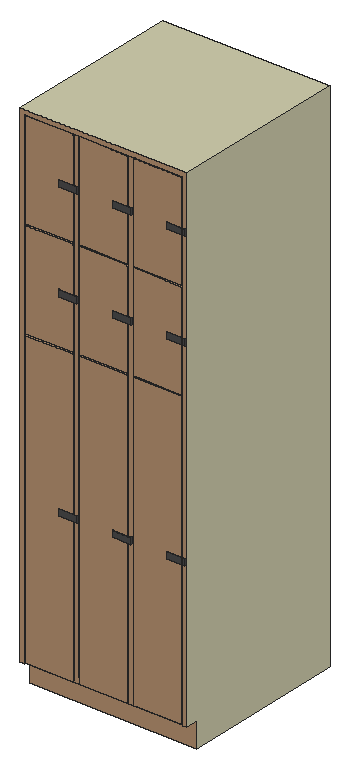
Revit family "Cabinet_Wenger_UltraStor_18", category Furniture, Revit 2015
Parameters (values of type "UltraStor Cabinet #18 - Comp Wood Doors")
  URL = "https://www.wengercorp.com/"
  Type Comments = ""
  Specification = "http://www.arcat.com/sdspecs/htm04/12_35_83wen.htm"
  Shelf Thickness = 0' - 1 1/8"
  Sales Information = "https://www.wengercorp.com/contact-us.php"
  Revision = "R1_2018-04"
  Rear Panel Thickness = 0' - 0 3/4"
  Product Data = "http://www.arcat.com/arcatcos/cos36/arc36487.html"
  Manufacturer Website = "https://www.wengercorp.com/"
  Manufacturer Phone - Toll Free = "800-4WENGER"
  Manufacturer Phone = "(507) 455-4100"
  Manufacturer Fax = "(507) 455-4258"
  Manufacturer Address = "555 Park Dr., Owatonna, MN 55060"
  Keynote = "12 35 83"
  HasDoors = yes
  Green Building-LEED = "http://www.arcat.com/green/clients/leed_data_36487.html"
  Drawn By = "Sumex Design, Inc. / Robert S. Weygant, CSI, CDT, SCIP"
  Door Width = (Cabinet Width - 0' 3") / 3  # 0' - 8.16667"
  Door Style = Door_Base : Solid Door
  Door Material [instance] = Wenger Cherry (Use Cherry Edge Band Only)
  Door Height = (Cabinet Height - 0' 4 3/4") / 5  # 1' - 4.175"
  Toe Kick Material [instance] = Wenger Cherry (Use Cherry Edge Band Only)
  RH End Panel [instance] = no
  Model = "#18"
  Manufacturer = "Wenger Corporation"
  LH End Panel [instance] = no
  End Panel Material [instance] = Wenger Cherry (Use Cherry Edge Band Only)
  Edge Banding Material [instance] = Wenger Cherry (Use Cherry Edge Band Only)
  Cost = 0
  Copyright = "© 2018 Arcat Inc."
  Construction Details = "http://www.arcat.com/details/wengerco/wengerco.html?coid=36487"
  Body Material [instance] = Wenger - Oyster
  Description = "Wenger UltraStor Cabinet #18 - Comp Wood Doors"
  Cabinet Width = 2' - 3 1/2"
  Cabinet Height = 7' - 1 5/8"
  Installed Depth = 2' - 5 1/4"
  Cabinet Panel Thickness = 0' - 0 3/4"
  Assembly Code = "E2010200"
Types (7): name | Rear Panel Thickness | HasDoors | Door Style | Door Material | Model | Description | Installed Depth
  Acoustic Cabinet #18 - No Doors | 0' - 3 1/4" | no | Door_Base : Solid Door | none | "#18A" | "Wenger Acoustic Cabinet #18 - No Doors" | 2' - 7 3/4"
  Acoustic Cabinet #18 - Comp Grille Doors | 0' - 3 1/4" | yes | Door_Base : Bars | Painted Black | "#18A" | "Wenger Acoustic Cabinet #18 - Comp Grille Doors" | 2' - 7 3/4"
  Acoustic Cabinet #18 - Comp Waterfall Grille Doors | 0' - 3 1/4" | yes | Door_Base : Waterfall | Painted Black | "#18A" | "Wenger Acoustic Cabinet #18 - Comp Waterfall Grille Doors" | 2' - 7 3/4"
  UltraStor Cabinet #18 - Comp Waterfall Grille Doors | 0' - 0 3/4" | yes | Door_Base : Waterfall | Painted Black | "#18" | "Wenger UltraStor Cabinet #18 - Comp Waterfall Grille Doors" | 2' - 5 1/4"
  UltraStor Cabinet #18 - No Doors | 0' - 0 3/4" | no | Door_Base : Solid Door | none | "#18" | "Wenger UltraStor Cabinet #18 - No Doors" | 2' - 5 1/4"
  UltraStor Cabinet #18 - Comp Wood Doors | 0' - 0 3/4" | yes | Door_Base : Solid Door | Wenger Cherry (Use Cherry Edge Band Only) | "#18" | "Wenger UltraStor Cabinet #18 - Comp Wood Doors" | 2' - 5 1/4"
  UltraStor Cabinet #18 - Comp Grille Doors | 0' - 0 3/4" | yes | Door_Base : Bars | Painted Black | "#18" | "Wenger UltraStor Cabinet #18 - Comp Grille Doors" | 2' - 5 1/4"
Reference planes (in)
  plane 1 "Front": y = 0
  plane 2: z = 0
  plane 3 "Left": x = 0
  plane 4 "Right": x = 27.5
  plane 5 "Back": y = 29.25
  plane 6 "Top": z = 85.625
  plane 7: z = 4
  plane 8: z = 20.175
  plane 9: z = 36.35
  plane 10: z = 52.525
  plane 11: z = 68.7
  plane 12: x = 0.75
  plane 13: x = 26.75
  plane 14: z = 84.875
  plane 15: x = 8.91667
  plane 16: x = 9.66667
  plane 17: x = 17.83333
  plane 18: x = 18.58333
  plane 19: y = 28.5
  plane 20: y = 2
  plane 21: y = 0.75
  plane 22: z = 21.3
  plane 23: z = 37.475
  plane 24: z = 53.65
  plane 25: z = 69.825
  plane 26: z = 5.125
Forms (in)
  Extrusion 1, solid, material "Wenger - Oyster" <- "Body Material"
    sketch origin (0, 0, 0) x (0, 1, 0) y (0, 0, 1)
      loop
        line (0, 85.625) -> (0, 4) -> (2, 4) -> (2, 0) -> (29.25, 0) -> (29.25, 85.625) -> (0, 85.625)
    from 0 to 27.5
  Extrusion 2, void
    sketch origin (0, 0, 0) x (0, 1, 0) y (0, 0, 1)
      loop
        line (-5.5, 84.875) -> (-5.5, 52.525) -> (0.75, 52.525)
        arc (0.75, 52.525) -> (1.18296, 53.30088) -> (2, 53.65) r 1.375
        line (2, 53.65) -> (28.5, 53.65) -> (28.5, 68.7) -> (0.75, 68.7)
        arc (0.75, 68.7) -> (1.18296, 69.47588) -> (2, 69.825) r 1.375
        line (2, 69.825) -> (28.5, 69.825) -> (28.5, 84.875) -> (-5.5, 84.875)
    from 0.75 to 8.91667
  Extrusion 3, void
    sketch origin (0, 0, 0) x (0, 1, 0) y (0, 0, 1)
      loop
        line (-5.5, 84.875) -> (-5.5, 52.525) -> (0.75, 52.525)
        arc (0.75, 52.525) -> (1.18296, 53.30088) -> (2, 53.65) r 1.375
        line (2, 53.65) -> (28.5, 53.65) -> (28.5, 68.7) -> (0.75, 68.7)
        arc (0.75, 68.7) -> (1.18296, 69.47588) -> (2, 69.825) r 1.375
        line (2, 69.825) -> (28.5, 69.825) -> (28.5, 84.875) -> (-5.5, 84.875)
    from 9.66667 to 17.83333
  Extrusion 4, void
    sketch origin (0, 0, 0) x (0, 1, 0) y (0, 0, 1)
      loop
        line (-5.5, 84.875) -> (-5.5, 52.525) -> (0.75, 52.525)
        arc (0.75, 52.525) -> (1.18296, 53.30088) -> (2, 53.65) r 1.375
        line (2, 53.65) -> (28.5, 53.65) -> (28.5, 68.7) -> (0.75, 68.7)
        arc (0.75, 68.7) -> (1.18296, 69.47588) -> (2, 69.825) r 1.375
        line (2, 69.825) -> (28.5, 69.825) -> (28.5, 84.875) -> (-5.5, 84.875)
    from 18.58333 to 26.75
  Extrusion 5, void
    sketch origin (0, 0, 0) x (0, 1, 0) y (0, 0, 1)
      loop
        line (0, 84.875) -> (0, 4) -> (0.0625, 4) -> (0.0625, 84.875) -> (0, 84.875)
    from 0.75 to 26.75
  Extrusion 6, void
    sketch origin (0, 0, 0) x (1, 0, 0) y (0, 0, 1)
      loop
        line (0.75, 52.525) -> (0.75, 5.125) -> (8.91667, 5.125) -> (8.91667, 52.525) -> (0.75, 52.525)
      loop
        line (9.66667, 52.525) -> (9.66667, 5.125) -> (17.83333, 5.125) -> (17.83333, 52.525) -> (9.66667, 52.525)
      loop
        line (18.58333, 52.525) -> (18.58333, 5.125) -> (26.75, 5.125) -> (26.75, 52.525) -> (18.58333, 52.525)
    from -28.5 to 0
Cuts and joins
  Extrusion 2, Extrusion 3, Extrusion 4, Extrusion 5, Extrusion 6 cuts Extrusion 1
Lines and regions (in)
  Masking region 1
    outline origin (0, 0, 0) x (1, 0, 0) y (0, 1, 0)
      loop
        line (0, 29.25) -> (0, 0) -> (27.5, 0) -> (27.5, 29.25) -> (0, 29.25)
Dimensions and locks (in)
  "Cabinet Panel Thickness": plane 3 "Left" to plane 12
  "Cabinet Panel Thickness": plane 13 to plane 4 "Right"
  "Cabinet Panel Thickness": plane 5 "Back" to plane 19
  locked: plane 1 "Front" to plane 21 at 0.75
  locked: plane 1 "Front" to plane 20 at 2
  "Shelf Thickness": plane 22 to plane 8
  "Shelf Thickness": plane 23 to plane 9
  "Shelf Thickness": plane 24 to plane 10
  "Shelf Thickness": plane 25 to plane 11
  "Cabinet Panel Thickness": plane 6 "Top" to plane 14
  equal spacing: plane 14, plane 11, plane 10, plane 9, plane 8, plane 7
  "Shelf Thickness": plane 26 to plane 7
  "Cabinet Width": plane 3 "Left" to plane 4 "Right"
  locked: plane 7 to level at 4
  "Cabinet Height": plane 6 "Top" to level
  "Installed Depth": plane 1 "Front" to plane 5 "Back"
  "Door Width": plane 15 to plane 12
  "Door Width": plane 17 to plane 16
  "Door Width": plane 13 to plane 18
  plane 3 "Left" to plane 4 "Right" = 2' - 3 1/2"
  locked: plane 18 to plane 17 at 0.75
  equal spacing: plane 16, nested 2, plane 17
  equal spacing: plane 5 "Back", nested 2, plane 1 "Front"
  aligned and locked: Extrusion 1 sketch curve to plane 6 "Top"
  aligned and locked: Extrusion 1 sketch curve to plane 5 "Back"
  aligned and locked: Extrusion 1 sketch curve to plane 1 "Front"
  aligned and locked: Extrusion 1 sketch curve to plane 7
  aligned and locked: Extrusion 1 sketch curve to plane 20
  aligned and locked: Extrusion 1 sketch curve to level
  aligned and locked: Extrusion 1 to plane 4 "Right"
  aligned and locked: Extrusion 1 to plane 3 "Left"
  aligned and locked: Extrusion 2 sketch curve to plane 14
  aligned and locked: Extrusion 2 sketch curve to plane 19
  aligned and locked: Extrusion 2 sketch curve to plane 11
  aligned and locked: Extrusion 2 sketch curve to plane 24
  aligned and locked: Extrusion 2 sketch curve to plane 10
  aligned and locked: Extrusion 2 sketch curve to plane 25
  aligned and locked: Extrusion 2 to plane 12
  aligned and locked: plane 15 to Extrusion 2
  aligned and locked: plane 17 to Extrusion 3
  aligned and locked: Extrusion 3 to plane 16
  aligned and locked: Extrusion 4 to plane 13
  aligned and locked: Extrusion 4 to plane 18
  aligned and locked: Extrusion 5 sketch curve to cut or joined group of Extrusion 1, Extrusion 2, Extrusion 3, Extrusion 4, Extrusion 5, Extrusion 6  (x3)
  aligned and locked: Extrusion 5 to plane 13
  aligned and locked: Extrusion 5 to plane 12
  aligned and locked: nested 3 to plane 12
  aligned and locked: plane 15 to nested 3
  aligned and locked: nested 3 to plane 11
  aligned and locked: plane 14 to nested 3
  aligned and locked: plane 14 to nested 4
  aligned and locked: nested 4 to plane 11
  aligned and locked: nested 4 to plane 16
  aligned and locked: plane 17 to nested 4
  aligned and locked: cut or joined group of Extrusion 1, Extrusion 2, Extrusion 3, Extrusion 4, Extrusion 5, Extrusion 6 to plane 18
  aligned and locked: cut or joined group of Extrusion 1, Extrusion 2, Extrusion 3, Extrusion 4, Extrusion 5, Extrusion 6 to plane 13
  aligned and locked: plane 14 to nested 5
  aligned and locked: nested 5 to plane 11
  aligned and locked: plane 11 to cut or joined group of Extrusion 1, Extrusion 2, Extrusion 3, Extrusion 4, Extrusion 5, Extrusion 6  (x2)
  aligned and locked: plane 11 to nested 7
  aligned and locked: plane 11 to nested 8
  aligned and locked: plane 11 to nested 6
  aligned and locked: nested 8 to plane 10
  aligned and locked: nested 7 to plane 10
  aligned and locked: nested 6 to plane 10
  aligned and locked: plane 10 to cut or joined group of Extrusion 1, Extrusion 2, Extrusion 3, Extrusion 4, Extrusion 5, Extrusion 6
  aligned and locked: nested 8 to plane 13
  aligned and locked: nested 5 to plane 13
  aligned and locked: nested 5 to plane 18
  aligned and locked: nested 8 to plane 18
  aligned and locked: plane 17 to cut or joined group of Extrusion 1, Extrusion 2, Extrusion 3, Extrusion 4, Extrusion 5, Extrusion 6
  aligned and locked: plane 17 to nested 7
  aligned and locked: nested 7 to plane 16
  aligned and locked: plane 15 to nested 6
  aligned and locked: nested 6 to plane 12
  aligned and locked: nested 9 to plane 12
  aligned and locked: plane 7 to cut or joined group of Extrusion 1, Extrusion 2, Extrusion 3, Extrusion 4, Extrusion 5, Extrusion 6
  aligned and locked: nested 9 to plane 7
  aligned and locked: plane 1 "Front" to nested 10
  aligned and locked: nested 10 to level
  aligned and locked: nested 10 to plane 4 "Right"
  aligned and locked: Masking region 1 sketch curve to plane 5 "Back"
  aligned and locked: Masking region 1 sketch curve to plane 1 "Front"
  aligned and locked: plane 3 "Left" to Masking region 1 sketch curve
  aligned and locked: plane 4 "Right" to Masking region 1 sketch curve
  aligned and locked: plane 10 to nested 9
  aligned and locked: Extrusion 6 sketch curve to nested 9  (x2)
  aligned and locked: plane 26 to Extrusion 6 sketch curve  (x3)
  aligned and locked: plane 19 to Extrusion 6
  aligned and locked: plane 1 "Front" to Extrusion 6
  aligned and locked: Extrusion 6 sketch curve to plane 15
  aligned and locked: Extrusion 6 sketch curve to plane 10  (x2)
  aligned and locked: plane 16 to Extrusion 6 sketch curve
  aligned and locked: Extrusion 6 sketch curve to plane 17
  aligned and locked: plane 18 to Extrusion 6 sketch curve
  aligned and locked: plane 13 to Extrusion 6 sketch curve
  aligned and locked: plane 15 to nested 9
  aligned and locked: nested 11 to plane 7
  aligned and locked: nested 12 to plane 7
  aligned and locked: plane 10 to nested 11
  aligned and locked: plane 10 to nested 12
  aligned and locked: plane 17 to nested 11
  aligned and locked: nested 11 to plane 16
  aligned and locked: nested 12 to plane 18
  aligned and locked: nested 12 to plane 13
Automatic sketch dimensions
  Extrusion 3 sketch curve to plane 14 = 0' - 0"
  Extrusion 3 sketch curve to plane 11 = 0' - 0"
  Extrusion 3 sketch curve to plane 21 = 0' - 0"  (x2)
  Extrusion 3 sketch curve to plane 20 = 0' - 0"  (x2)
  Extrusion 3 sketch curve to plane 19 = 0' - 0"  (x2)
  Extrusion 3 sketch curve to plane 24 = 0' - 0"
  Extrusion 3 sketch curve to plane 25 = 0' - 0"
  plane 1 "Front" to Extrusion 3 sketch curve = 0' - 5 1/2"
  Extrusion 3 sketch curve to plane 20 = 0' - 0.10279"  (x2)
  Extrusion 4 sketch curve to plane 14 = 0' - 0"
  Extrusion 4 sketch curve to plane 11 = 0' - 0"
  Extrusion 4 sketch curve to plane 21 = 0' - 0"  (x2)
  Extrusion 4 sketch curve to plane 20 = 0' - 0"  (x2)
  Extrusion 4 sketch curve to plane 19 = 0' - 0"  (x2)
  Extrusion 4 sketch curve to plane 24 = 0' - 0"
  Extrusion 4 sketch curve to plane 25 = 0' - 0"
  plane 1 "Front" to Extrusion 4 sketch curve = 0' - 5 1/2"
  Extrusion 4 sketch curve to plane 20 = 0' - 0.10279"  (x2)
  plane 21 to Extrusion 5 sketch curve = 0' - 0 11/16"
  Extrusion 2 sketch curve to plane 19 = 0' - 0"
  Extrusion 2 sketch curve to plane 21 = 0' - 0"  (x2)
  Extrusion 2 sketch curve to plane 20 = 0' - 0"  (x2)
  Extrusion 2 sketch curve to plane 20 = 0' - 0.10279"  (x2)
  plane 1 "Front" to Extrusion 2 sketch curve = 0' - 5 1/2"
  Extrusion 3 sketch curve to plane 10 = 0' - 0"
  Extrusion 4 sketch curve to plane 10 = 0' - 0"
Nested families (in)
  nested 1: "End Panel" at (0, 14.25, 0) x (0, -1, 0) z (0, 0, 1), End Panel Material <- "End Panel Material", visible <- "LH End Panel", Edge Banding Material <- "Edge Banding Material", type "End Panel"
    with End Panel Material Wenger Cherry (Use Cherry Edge Band Only), Edge Banding Material Wenger Cherry (Use Cherry Edge Band Only), End Panel Depth 2' - 5 1/4"
  nested 2: "Labels" at (13.75, 14.625, 0), type "Labels"
  nested 3: "Door_Base" at (4.83333, 0, 68.7) x (1, 0, 0) z (0, -1, 0), type <- "Door Style", Height <- "Door Height", Width <- "Door Width", visible <- "HasDoors", type "Solid Door", detail levels medium+fine
    with vBars 6, Width 0' - 8.16667", ToeKick Height 0' - 4", MidBar no, Height 1' - 4.175", BarHt 1' - 3.675", 2HzBars no
  nested 4: "Door_Base" at (13.75, 0, 68.7) x (1, 0, 0) z (0, -1, 0), type <- "Door Style", Height <- "Door Height", Width <- "Door Width", visible <- "HasDoors", type "Solid Door", detail levels medium+fine
    with vBars 6, Width 0' - 8.16667", ToeKick Height 0' - 4", MidBar no, Height 1' - 4.175", BarHt 1' - 3.675", 2HzBars no
  nested 5: "Door_Base" at (22.66667, 0, 68.7) x (1, 0, 0) z (0, -1, 0), type <- "Door Style", Height <- "Door Height", Width <- "Door Width", visible <- "HasDoors", type "Solid Door", detail levels medium+fine
    with vBars 6, Width 0' - 8.16667", ToeKick Height 0' - 4", MidBar no, Height 1' - 4.175", BarHt 1' - 3.675", 2HzBars no
  nested 6: "Door_Base" at (4.83333, 0, 52.525) x (1, 0, 0) z (0, -1, 0), type <- "Door Style", Height <- "Door Height", Width <- "Door Width", visible <- "HasDoors", type "Solid Door", detail levels medium+fine
    with vBars 6, Width 0' - 8.16667", ToeKick Height 0' - 4", MidBar no, Height 1' - 4.175", BarHt 1' - 3.675", 2HzBars no
  nested 7: "Door_Base" at (13.75, 0, 52.525) x (1, 0, 0) z (0, -1, 0), type <- "Door Style", Height <- "Door Height", Width <- "Door Width", visible <- "HasDoors", type "Solid Door", detail levels medium+fine
    with vBars 6, Width 0' - 8.16667", ToeKick Height 0' - 4", MidBar no, Height 1' - 4.175", BarHt 1' - 3.675", 2HzBars no
  nested 8: "Door_Base" at (22.66667, 0, 52.525) x (1, 0, 0) z (0, -1, 0), type <- "Door Style", Height <- "Door Height", Width <- "Door Width", visible <- "HasDoors", type "Solid Door", detail levels medium+fine
    with vBars 6, Width 0' - 8.16667", ToeKick Height 0' - 4", MidBar no, Height 1' - 4.175", BarHt 1' - 3.675", 2HzBars no
  nested 9: "Door_Base" at (4.83333, 0, 4) x (1, 0, 0) z (0, -1, 0), type <- "Door Style", visible <- "HasDoors", type "Solid Door", detail levels medium+fine
    with vBars 6, Width 0' - 8.16667", ToeKick Height 0' - 4", MidBar no, Height 4' - 0.525", BarHt 4' - 0.025", 2HzBars no
  nested 10: "End Panel" at (28.25, 14.25, 0) x (0, -1, 0) z (0, 0, 1), End Panel Material <- "End Panel Material", Edge Banding Material <- "Edge Banding Material", visible <- "RH End Panel", type "End Panel"
    with End Panel Material Wenger Cherry (Use Cherry Edge Band Only), Edge Banding Material Wenger Cherry (Use Cherry Edge Band Only), End Panel Depth 2' - 5 1/4"
  nested 11: "Door_Base" at (13.75, 0, 4) x (1, 0, 0) z (0, -1, 0), type <- "Door Style", visible <- "HasDoors", type "Solid Door", detail levels medium+fine
    with vBars 6, Width 0' - 8.16667", ToeKick Height 0' - 4", MidBar no, Height 4' - 0.525", BarHt 4' - 0.025", 2HzBars no
  nested 12: "Door_Base" at (22.66667, 0, 4) x (1, 0, 0) z (0, -1, 0), type <- "Door Style", visible <- "HasDoors", type "Solid Door", detail levels medium+fine
    with vBars 6, Width 0' - 8.16667", ToeKick Height 0' - 4", MidBar no, Height 4' - 0.525", BarHt 4' - 0.025", 2HzBars no
Definition of nested family "End Panel"
  Parameters (values of type "End Panel")
    End Panel Material [instance] = none
    End Panel Height = 7' - 1 5/8"
    End Panel Depth = 1' - 9 3/4"
    Edge Banding Material [instance] = none
    Default Elevation = 4' - 0"
    Assembly Code = ""
  Reference planes (in)
    plane 1 "Center (Front/Back)": y = 0
    plane 2: z = 0
    plane 3 "Center (Left/Right)": x = 0
    plane 4: x = -15
    plane 5: x = 6.75
    plane 6: z = 4
    plane 7: x = 4.75
    plane 8: z = 85.625
    plane 9: y = -0.75
  Forms (in)
    Extrusion 1, solid, material <- "End Panel Material"
      sketch origin (0, 0, 0) x (1, 0, 0) y (0, 0, 1)
        loop
          line (-15, 85.625) -> (-15, 0) -> (4.75, 0) -> (4.75, 4) -> (6.75, 4) -> (6.75, 85.625) -> (-15, 85.625)
      from 0 to 0.75
  Lines and regions (in)
    Masking region 1, detail levels coarse+medium
      outline origin (0, 0, 0) x (1, 0, 0) y (0, 1, 0)
        loop
          line (-15, 0) -> (-15, -0.75) -> (6.75, -0.75) -> (6.75, 0) -> (-15, 0)
  Dimensions and locks (in)
    locked: plane 7 to plane 5 at 2
    locked: plane 6 to level at 4
    "End Panel Height": plane 8 to level
    "End Panel Depth": plane 5 to plane 4
    locked: plane 9 to plane 1 "Center (Front/Back)" at 0.75
    aligned and locked: plane 4 to Extrusion 1 sketch curve
    aligned and locked: level to Extrusion 1 sketch curve
    aligned and locked: plane 7 to Extrusion 1 sketch curve
    aligned and locked: plane 6 to Extrusion 1 sketch curve
    aligned and locked: Extrusion 1 sketch curve to plane 5
    aligned and locked: Extrusion 1 sketch curve to plane 8
    aligned and locked: Extrusion 1 to plane 9
    aligned and locked: Extrusion 1 to plane 1 "Center (Front/Back)"
    aligned and locked: plane 4 to Masking region 1 sketch curve
    aligned and locked: Masking region 1 sketch curve to plane 5
    aligned and locked: plane 1 "Center (Front/Back)" to Masking region 1 sketch curve
    aligned and locked: plane 9 to Masking region 1 sketch curve
Definition of nested family "Door_Base"
  Parameters (values of type "None")
    vBars [instance] = (Width - 0' 2") / 0' 1"  # 6
    Width [instance] = 0' - 8"
    ToeKick Height [instance] = 0' - 4"
    Thickness = 0' - 0 3/4"
    Solid Door = no
    Shelf Thickness = 0' - 0 3/4"
    Panel Thickness = 0' - 0 3/4"
    MidBar [instance] = and(Height < 1' 6", HasDoor, not(Solid Door))  # no
    Height [instance] = 1' - 2 5/8"
    HasDoor = no
    Edge Banding = none
    DoorGap = 0' - 0 1/8"
    Door Finish = none
    Depth = 2' - 0"
    Default Elevation = 4' - 0"
    Bars = no
    BarStyle = Bars : Waterfall
    BarHt [instance] = Height - 0' 0 1/2"  # 1' - 2 1/8"
    2HzBars [instance] = and(Height > 1' 6", not(Solid Door))  # no
  Types (4): name | Thickness | Solid Door | MidBar | HasDoor | Bars | BarStyle
    Solid Door | 0' - 0 3/4" | yes | no | yes | no | Bars : Waterfall
    Bars | 0' - 0 1/4" | no | yes | yes | yes | Bars : Straight
    Waterfall | 0' - 0 3/4" | no | yes | yes | yes | Bars : Waterfall
    None | 0' - 0 3/4" | no | no | no | no | Bars : Waterfall
  Reference planes (in)
    plane 1 "Center (Front/Back)": y = 0
    plane 2: z = 0
    plane 3 "Center (Left/Right)": x = 0
    plane 4: x = -4
    plane 5: y = 14.625
    plane 6: x = 4
    plane 7: z = -0.75
    plane 8: x = -3.875
    plane 9: x = 3.875
    plane 10: y = 0.125
    plane 11: y = 14.5
    plane 12: y = -0.75
    plane 13 "CL Elev": y = 7.3125
    plane 14: x = -3.75
    plane 15: x = 3.75
    plane 16 "BtmRail": y = 0.25
    plane 17: y = 14.375
    plane 18: z = -0.125
    plane 19: x = -2.75
    plane 20: x = 2.75
    plane 21: y = 9.66667
    plane 22: y = 4.95833
  Forms (in)
    Extrusion 1, solid, material <- "Door Finish", visible <- "Solid Door", detail levels medium+fine
      sketch origin (0, 0, 0) x (1, 0, 0) y (0, 1, 0)
        loop
          arc (-3.75, 14.5) -> (-3.83839, 14.46339) -> (-3.875, 14.375) r 0.125
          line (-3.875, 14.375) -> (-3.875, 0.25)
          arc (-3.875, 0.25) -> (-3.83839, 0.16161) -> (-3.75, 0.125) r 0.125
          line (-3.75, 0.125) -> (3.75, 0.125)
          arc (3.75, 0.125) -> (3.83839, 0.16161) -> (3.875, 0.25) r 0.125
          line (3.875, 0.25) -> (3.875, 14.375)
          arc (3.875, 14.375) -> (3.83839, 14.46339) -> (3.75, 14.5) r 0.125
          line (3.75, 14.5) -> (-3.75, 14.5)
      from 0 to -0.75
    Sweep 2, solid, material <- "Door Finish", visible <- "Bars", detail levels medium+fine
      path origin (0, 0, 0) x (1, 0, 0) y (0, 1, 0)
        loop
          arc (-3.125, 14.5) -> (-3.65533, 14.28033) -> (-3.875, 13.75) r 0.75
          line (-3.875, 13.75) -> (-3.875, 0.875)
          arc (-3.875, 0.875) -> (-3.65533, 0.34467) -> (-3.125, 0.125) r 0.75
          line (-3.125, 0.125) -> (3.125, 0.125)
          arc (3.125, 0.125) -> (3.65533, 0.34467) -> (3.875, 0.875) r 0.75
          line (3.875, 0.875) -> (3.875, 13.75)
          arc (3.875, 13.75) -> (3.65533, 14.28033) -> (3.125, 14.5) r 0.75
          line (3.125, 14.5) -> (-3.125, 14.5)
      profile origin (0, 14.5, 0) x (0, 1, 0) y (0, 0, 1)
        loop
          circle (-0.125, -0.125) r 0.125
    Extrusion 3, solid, material <- "Door Finish", visible <- "MidBar", detail levels medium+fine
      sketch origin (0, 0, 0) x (0, 1, 0) y (0, 0, 1)
        loop
          circle (7.3125, -0.125) r 0.125
      from -3.75 to 3.75
    Extrusion 4, solid, visible <- "HasDoor", detail levels fine
      sketch origin (0, 0, 0) x (1, 0, 0) y (0, 1, 0)
        loop
          line (1.5, 7.8125) -> (1.5, 6.8125) -> (4.5, 6.8125) -> (4.5, 7.8125) -> (1.5, 7.8125)
      from 0 to 0.125
    Extrusion 5, solid, material <- "Door Finish", visible <- "2HzBars", detail levels medium+fine
      sketch origin (0, 0, 0) x (0, 1, 0) y (0, 0, 1)
        loop
          circle (9.66667, -0.125) r 0.125
        loop
          circle (4.95833, -0.125) r 0.125
      from -3.75 to 3.75
  Lines and regions (in)
    symbolic lines, visible <- "HasDoor", detail levels medium+fine
      curve 1: line (4, 0.25, 0) -> (-4, 0.25, 0)
      curve 2: line (-4, 0.25, 0) -> (-4, 0.25, 8)
      curve 3: arc (4, 0.25, 0) -> (1.65685, 0.25, 5.65685) -> (-4, 0.25, 8) r 8
    symbolic lines, visible <- "HasDoor"
      curve 4: line (3.875, 0.25, 0) -> (3.875, 0.25, -0.75)
      curve 5: line (3.875, 0.25, -0.75) -> (-3.875, 0.25, -0.75)
      curve 6: line (-3.875, 0.25, -0.75) -> (-3.875, 0.25, 0)
    symbolic lines, detail levels medium
      curve 7: line (3.875, 14.5, 0) -> (-3.875, 7.3125, 0)
      curve 8: line (-3.875, 7.3125, 0) -> (3.875, 0.125, 0)
  Dimensions and locks (in)
    "Height": plane 1 "Center (Front/Back)" to plane 5
    "Thickness": level to plane 7
    equal spacing: plane 4, plane 3 "Center (Left/Right)", plane 6
    "Width": plane 4 to plane 6
    "DoorGap": plane 5 to plane 11
    "DoorGap": plane 9 to plane 6
    "DoorGap": plane 4 to plane 8
    "DoorGap": plane 1 "Center (Front/Back)" to plane 10
    "Shelf Thickness": plane 1 "Center (Front/Back)" to plane 12
    equal spacing: plane 1 "Center (Front/Back)", plane 13 "CL Elev", plane 5
    locked: plane 15 to plane 9 at 0.125
    locked: plane 8 to plane 14 at 0.125
    locked: plane 11 to plane 17 at 0.125
    locked: plane 16 "BtmRail" to plane 10 at 0.125
    locked: level to plane 18 at 0.125
    plane 19 to plane 14 = 0' - 1"
    locked: plane 15 to plane 20 at 1
    Extrusion 4 sketch curve to plane 13 "CL Elev" to Extrusion 4 sketch curve = 0' - 0 1/2" locked, 0' - 0 1/2" locked
    locked: plane 6 to Extrusion 4 sketch curve at 0.5
    locked: Extrusion 4 sketch curve to plane 6 at 2.5
    locked: Extrusion 4 to level at 0.125
    equal spacing: group 1, group 3, group 4, group 5, group 6, group 2  (x3)
    equal spacing: plane 17, plane 21, plane 22, plane 16 "BtmRail"
    "Width": radius of curve 3
    aligned and locked: plane 2 to level
    aligned and locked: Extrusion 1 sketch curve to plane 11
    aligned and locked: plane 8 to Extrusion 1 sketch curve
    aligned and locked: Extrusion 1 sketch curve to plane 9
    aligned and locked: plane 10 to Extrusion 1 sketch curve
    aligned and locked: Extrusion 1 to plane 7
    aligned and locked: level to Extrusion 1
    aligned and locked: Sweep 2 sketch curve to plane 11
    aligned and locked: plane 8 to Sweep 2 sketch curve
    aligned and locked: plane 10 to Sweep 2 sketch curve
    aligned and locked: Sweep 2 sketch curve to plane 9
    aligned and locked: plane 15 to Extrusion 3
    aligned and locked: Extrusion 3 to plane 14
    aligned and locked: plane 20 to nested 2
    aligned and locked: plane 19 to nested 1
    aligned and locked: plane 21 to Extrusion 5 sketch curve
    aligned and locked: plane 18 to Extrusion 5 sketch curve  (x2)
    aligned and locked: plane 22 to Extrusion 5 sketch curve
    aligned and locked: Extrusion 5 to Extrusion 3  (x2)
    aligned and locked: plane 4 to curve 3  (x2)
    aligned and locked: level to curve 3
    aligned and locked: plane 7 to curve 5
    aligned and locked: Extrusion 1 to plane 8
    aligned and locked: plane 9 to Extrusion 1
    aligned and locked: plane 10 to curve 8
    aligned and locked: plane 9 to curve 8
    aligned and locked: plane 13 "CL Elev" to curve 8
    aligned and locked: plane 11 to curve 7
    aligned and locked: plane 9 to curve 7
  Automatic sketch dimensions
    plane 8 to Sweep 2 sketch curve = 0' - 0 3/4"  (x2)
    Sweep 2 sketch curve to plane 9 = 0' - 0 3/4"
    Sweep 2 sketch curve to Sweep 2 sketch curve = 0' - 0 3/4"
    Sweep 2 sketch curve to level = 0' - 0 1/8"
    profile plane to Sweep 2 sketch curve = 0' - 0 1/8"
    Extrusion 3 sketch curve to level = 0' - 0 1/8"
    Extrusion 3 sketch curve to plane 13 "CL Elev" = 0' - 0"
    curve 8 to plane 8 = 0' - 0"
    Extrusion 1 sketch curve to plane 14 = 0' - 0"  (x2)
    Extrusion 1 sketch curve to plane 15 = 0' - 0"  (x2)
    curve 5 to plane 9 = 0' - 0"
    curve 6 to plane 8 = 0' - 0"
    radius of Sweep 2 sketch curve = 0' - 0 1/8"
    radius of Extrusion 3 sketch curve = 0' - 0 1/8"
    radius of Extrusion 5 sketch curve = 0' - 0 1/8"  (x2)
  Nested families (in)
    nested 1: "Bars" at (-2.75, 0.25, -0.125) x (1, 0, 0) z (0, 1, 0), type <- "BarStyle", visible <- "Bars", type "Waterfall", detail levels fine
      with Lateral Deviation 0' - 1", Height 1' - 2 1/8"
    nested 2: "Bars" at (2.75, 0.25, -0.125) x (1, 0, 0) z (0, 1, 0), type <- "BarStyle", visible <- "Bars", type "Waterfall", detail levels fine
      with Lateral Deviation 0' - 1", Height 1' - 2 1/8"
    nested 3: "Bars" at (-1.65, 0.25, -0.125) x (1, 0, 0) z (0, 1, 0), type <- "BarStyle", visible <- "Bars", type "Waterfall", detail levels fine
      with Lateral Deviation 0' - 1", Height 1' - 2 1/8"
    nested 4: "Bars" at (-0.55, 0.25, -0.125) x (1, 0, 0) z (0, 1, 0), type <- "BarStyle", visible <- "Bars", type "Waterfall", detail levels fine
      with Lateral Deviation 0' - 1", Height 1' - 2 1/8"
    nested 5: "Bars" at (0.55, 0.25, -0.125) x (1, 0, 0) z (0, 1, 0), type <- "BarStyle", visible <- "Bars", type "Waterfall", detail levels fine
      with Lateral Deviation 0' - 1", Height 1' - 2 1/8"
    nested 6: "Bars" at (1.65, 0.25, -0.125) x (1, 0, 0) z (0, 1, 0), type <- "BarStyle", visible <- "Bars", type "Waterfall", detail levels fine
      with Lateral Deviation 0' - 1", Height 1' - 2 1/8"
  Definition of nested family "Bars"
    Parameters (values of type "Straight")
      WaterFall = no
      Straight = yes
      Lateral Deviation = 0' - 1 1/2"
      Height = 1' - 2 5/8"
      Default Elevation = 4' - 0"
      Bars = none
    Types (3): name | WaterFall | Straight
      (no name) | no | yes
      Waterfall | yes | no
      Straight | no | yes
    Reference planes (in)
      plane 1 "Center (Front/Back)": y = 0
      plane 2: z = 0
      plane 3 "Center (Left/Right)": x = 0
      plane 4: z = 14.625
      plane 5: z = 7.3125
      plane 6: x = 0.75
      plane 7: x = -0.75
      plane 8: z = 10.96875
      plane 9: z = 3.65625
    Forms (in)
      Sweep 1, solid, material <- "Bars", visible <- "WaterFall"
        path origin (0, 0, 0) x (1, 0, 0) y (0, 0, 1)
          loop
            arc (0, 0) -> (0.56057, 1.79006) -> (0.75, 3.65625) r 9.28711
            arc (0.75, 3.65625) -> (0.56057, 5.52244) -> (0, 7.3125) r 9.28711
        profile origin (0.56057, 0, 1.79006) x (-0.979603, 0, 0.200944) y (0, -1, 0)
          loop
            circle (0, 0) r 0.0625
      Sweep 2, solid, material <- "Bars", visible <- "WaterFall"
        path origin (0, 0, 14.625) x (-1, 0, 0) y (0, 0, -1)
          loop
            arc (0, 0) -> (0.56057, 1.79006) -> (0.75, 3.65625) r 9.28711
            arc (0.75, 3.65625) -> (0.56057, 5.52244) -> (0, 7.3125) r 9.28711
        profile origin (-0.56057, 0, 12.83494) x (0.979603, 0, -0.200944) y (0, -1, 0)
          loop
            circle (0, 0) r 0.0625
      Extrusion 3, solid, material <- "Bars", visible <- "Straight"
        sketch origin (0, 0, 0) x (1, 0, 0) y (0, 1, 0)
          loop
            circle (0, 0) r 0.0625
        from 0 to 14.625
    Dimensions and locks (in)
      "Height": plane 4 to level
      equal spacing: plane 6, plane 3 "Center (Left/Right)", plane 7
      "Lateral Deviation": plane 6 to plane 7
      equal spacing: plane 4, plane 8, plane 5, plane 9, level
      aligned and locked: plane 2 to level
      aligned and locked: plane 3 "Center (Left/Right)" to Sweep 1 sketch curve  (x2)
      aligned and locked: level to Sweep 1 sketch curve
      aligned and locked: plane 6 to Sweep 1 sketch curve
      aligned and locked: plane 9 to Sweep 1 sketch curve
      aligned and locked: plane 4 to Sweep 2 sketch curve
      aligned and locked: plane 3 "Center (Left/Right)" to Sweep 2 sketch curve  (x2)
      aligned and locked: plane 8 to Sweep 2 sketch curve
      aligned and locked: plane 7 to Sweep 2 sketch curve
      aligned and locked: plane 5 to Sweep 2 sketch curve
      aligned and locked: plane 4 to Extrusion 3
      aligned and locked: Extrusion 3 to level
    Automatic sketch dimensions
      plane 1 "Center (Front/Back)" to Sweep 1 sketch curve = 0' - 0"
      Sweep 1 sketch curve to profile plane = 0' - 0"
      Sweep 1 sketch curve to Sweep 1 sketch curve = 0' - 0"
      Sweep 2 sketch curve to plane 1 "Center (Front/Back)" = 0' - 0"
      Sweep 2 sketch curve to profile plane = 0' - 0"
      plane 1 "Center (Front/Back)" to Extrusion 3 sketch curve = 0' - 0"
      Extrusion 3 sketch curve to plane 3 "Center (Left/Right)" = 0' - 0"
      radius of Sweep 1 sketch curve = 0' - 0 1/16"
      radius of Sweep 2 sketch curve = 0' - 0 1/16"
      radius of Extrusion 3 sketch curve = 0' - 0 1/16"
Definition of nested family "Labels"
  Parameters
    Cabinet Label = "01"
  Reference planes (in)
    plane 1: y = 0
    plane 2: x = 0
  Text (in)
    label "xxxx" at (-0.00018, 0.00754, 0), shows "Cabinet Label"
